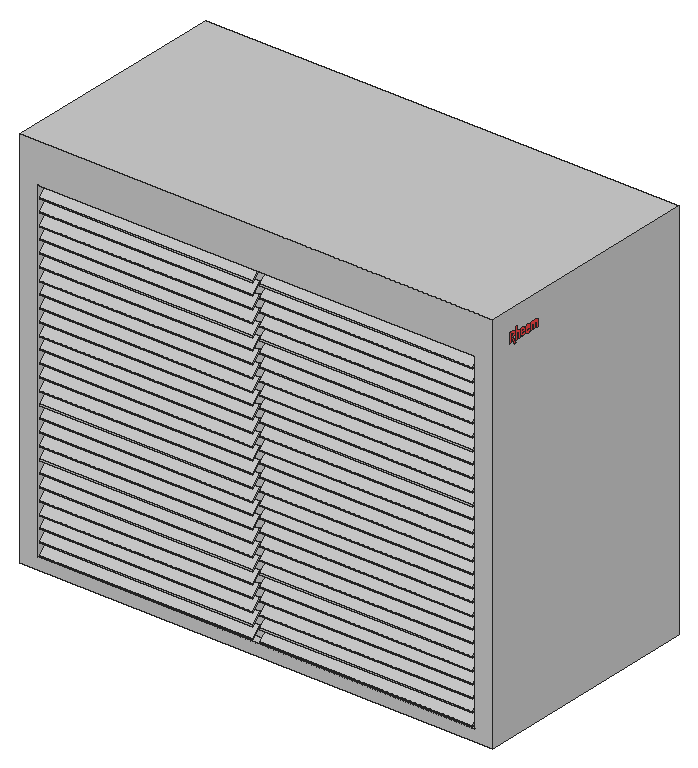
Revit family "DC_Rheem_PLM_HeatPump_953022_Horizontal_12", category Plumbing Fixtures, Revit 2011
Parameters (values of type "Commercial Heat Pump - Non Ducted")
  Unitheight_ANZRS = 935 mm
  UnitWidth_ANZRS = 565 mm
  UnitDepth_ANZRS [instance] = 1150 mm
  URL = "http://www.rheem.com.au/commercial_product.asp?ProdID=96&cat_id=2\r\n"
  Type Comments = "Output 16 KW @ 20oC/60% RH Recovery 300 L/h  @ 45°C  rise\r\n"
  Materials_ANZRS = Rheem - Joey Grey Steel
  OutletPipeDiameter_ANZRS = OutPipeRadius_ANZRS * 2  # 32 mm
  OutPipeRadius_ANZRS = 16 mm
  Model = "953022"
  Manufacturer = "Rheem\r\n"
  InletPipeDiameter_ANZRS = InPipeRadius_ANZRS * 2  # 32 mm
  InPipeRadius_ANZRS = 16 mm
  DesignBy_ANZRS = "Design Content ©\r\n"
  Description = "Commercial Heat Pump - Non Ducted"
  CondensateDrainPipeDiameter_ANZRS = CDPipeRadius_ANZRS * 2  # 20 mm
  CDPipeRadius_ANZRS = 10 mm
  Author_ANZRS = "DM"
  Assembly Code = ""
Reference planes
  plane 1 "Center (Front/Back)": y = 0
  plane 2: z = 0
  plane 3 "Center (Left/Right)": x = 0
  plane 4 "W1": y = 282.5
  plane 5 "W2": y = -282.5
  plane 6 "W4": x = -575
  plane 7 "W3": x = 575
  plane 8 "CENTER 1": x = -320
  plane 9 "CENTER 2": x = 180
  plane 10: z = 25
  plane 11 "HEIGHT": z = 960
  plane 12 "W11": y = 212.65
  plane 13 "W13": y = 147.65
  plane 14 "W15": y = -212.65
  plane 15 "W14": y = -147.65
  plane 16 "CD1": z = 225
  plane 17 "CD2": z = 555
  plane 18 "CENTER 3": y = -167.65
  plane 19 "w5": x = -545
  plane 20 "W7": x = 545
  plane 21 "H1": z = 53.419
  plane 22 "CENTER 5": y = 180.15
  plane 23 "CENTER 4": y = -180.15
  plane 24: y = -260.438
  plane 25 "W6": x = -527.091
  plane 26 "W9": x = 527.091
  plane 27 "W8": x = 532.091
  plane 28: x = -625
  plane 29: y = 174.5
Forms (mm)
  Extrusion 1, solid, material "Rheem - Joey Grey Steel" <- "Materials_ANZRS"
    sketch origin (0, 0, 0) x (1, 0, 0) y (0, 1, 0)
      loop
        line (-575, 282.5) -> (-575, -260.438) -> (575, -260.438) -> (575, 282.5) -> (-575, 282.5)
    from 25 to 960
  Extrusion 2, solid, material "Rheem - Joey Grey Steel" <- "Materials_ANZRS"
    sketch origin (0, 0, 0) x (0, 1, 0) y (0, 0, 1)
      loop
        circle (-167.65, 555) r 16
      loop
        circle (-167.65, 225) r 16
    from -575 to -625
  Extrusion 3, solid, material "Rheem - Joey Grey Steel" <- "Materials_ANZRS"
    sketch origin (0, 0, 0) x (0, 1, 0) y (0, 0, 1)
      loop
        line (212.65, 0) -> (212.65, 25) -> (147.65, 25) -> (147.65, 0) -> (212.65, 0)
      loop
        line (-147.65, 0) -> (-147.65, 25) -> (-212.65, 25) -> (-212.65, 0) -> (-147.65, 0)
    from -545 to 545
  Extrusion 4, solid, material "Rheem - Joey Grey Steel" <- "Materials_ANZRS"
    sketch origin (0, 0, 0) x (0, 1, 0) y (0, 0, 1)
      loop
        circle (180.15, 53.419) r 10
      loop
        circle (-180.15, 53.419) r 10
    from -575 to -625
  Extrusion 5, solid, material "Rheem - Joey Grey Steel" <- "Materials_ANZRS"
    sketch origin (0, 0, 0) x (0, 1, 0) y (0, 0, 1)
      loop
        line (-260.438, 860.039) -> (-282.5, 837.978) -> (-282.5, 835.579) -> (-260.438, 857.64) -> (-260.438, 860.039)
      loop
        line (-260.438, 830.039) -> (-282.5, 807.978) -> (-282.5, 805.579) -> (-260.438, 827.64) -> (-260.438, 830.039)
      loop
        line (-260.438, 800.039) -> (-282.5, 777.978) -> (-282.5, 775.579) -> (-260.438, 797.64) -> (-260.438, 800.039)
      loop
        line (-260.438, 770.039) -> (-282.5, 747.978) -> (-282.5, 745.579) -> (-260.438, 767.64) -> (-260.438, 770.039)
      loop
        line (-260.438, 740.039) -> (-282.5, 717.978) -> (-282.5, 715.579) -> (-260.438, 737.64) -> (-260.438, 740.039)
      loop
        line (-260.438, 710.039) -> (-282.5, 687.978) -> (-282.5, 685.579) -> (-260.438, 707.64) -> (-260.438, 710.039)
      loop
        line (-260.438, 680.039) -> (-282.5, 657.978) -> (-282.5, 655.579) -> (-260.438, 677.64) -> (-260.438, 680.039)
      loop
        line (-260.438, 650.039) -> (-282.5, 627.978) -> (-282.5, 625.579) -> (-260.438, 647.64) -> (-260.438, 650.039)
      loop
        line (-260.438, 620.039) -> (-282.5, 597.978) -> (-282.5, 595.579) -> (-260.438, 617.64) -> (-260.438, 620.039)
      loop
        line (-260.438, 590.039) -> (-282.5, 567.978) -> (-282.5, 565.579) -> (-260.438, 587.64) -> (-260.438, 590.039)
      loop
        line (-260.438, 560.039) -> (-282.5, 537.978) -> (-282.5, 535.579) -> (-260.438, 557.64) -> (-260.438, 560.039)
      loop
        line (-260.438, 530.039) -> (-282.5, 507.978) -> (-282.5, 505.579) -> (-260.438, 527.64) -> (-260.438, 530.039)
      loop
        line (-260.438, 500.039) -> (-282.5, 477.978) -> (-282.5, 475.579) -> (-260.438, 497.64) -> (-260.438, 500.039)
      loop
        line (-260.438, 470.039) -> (-282.5, 447.978) -> (-282.5, 445.579) -> (-260.438, 467.64) -> (-260.438, 470.039)
      loop
        line (-260.438, 440.039) -> (-282.5, 417.978) -> (-282.5, 415.579) -> (-260.438, 437.64) -> (-260.438, 440.039)
      loop
        line (-260.438, 410.039) -> (-282.5, 387.978) -> (-282.5, 385.579) -> (-260.438, 407.64) -> (-260.438, 410.039)
      loop
        line (-260.438, 380.039) -> (-282.5, 357.978) -> (-282.5, 355.579) -> (-260.438, 377.64) -> (-260.438, 380.039)
      loop
        line (-260.438, 350.039) -> (-282.5, 327.978) -> (-282.5, 325.579) -> (-260.438, 347.64) -> (-260.438, 350.039)
      loop
        line (-260.438, 320.039) -> (-282.5, 297.978) -> (-282.5, 295.579) -> (-260.438, 317.64) -> (-260.438, 320.039)
      loop
        line (-260.438, 290.039) -> (-282.5, 267.978) -> (-282.5, 265.579) -> (-260.438, 287.64) -> (-260.438, 290.039)
      loop
        line (-260.438, 260.039) -> (-282.5, 237.978) -> (-282.5, 235.579) -> (-260.438, 257.64) -> (-260.438, 260.039)
      loop
        line (-260.438, 230.039) -> (-282.5, 207.978) -> (-282.5, 205.579) -> (-260.438, 227.64) -> (-260.438, 230.039)
      loop
        line (-260.438, 200.039) -> (-282.5, 177.978) -> (-282.5, 175.579) -> (-260.438, 197.64) -> (-260.438, 200.039)
      loop
        line (-260.438, 170.039) -> (-282.5, 147.978) -> (-282.5, 145.579) -> (-260.438, 167.64) -> (-260.438, 170.039)
      loop
        line (-260.438, 140.039) -> (-282.5, 117.978) -> (-282.5, 115.579) -> (-260.438, 137.64) -> (-260.438, 140.039)
      loop
        line (-260.438, 110.039) -> (-282.5, 87.978) -> (-282.5, 85.579) -> (-260.438, 107.64) -> (-260.438, 110.039)
      loop
        line (-260.438, 80.039) -> (-282.5, 57.978) -> (-282.5, 55.579) -> (-260.438, 77.64) -> (-260.438, 80.039)
    from -527.091 to -9.296
  Extrusion 6, solid, material "Rheem - Joey Grey Steel" <- "Materials_ANZRS"
    sketch origin (0, 0, 0) x (1, 0, 0) y (0, 0, 1)
      loop
        line (-575, 960) -> (-575, 25) -> (-14.281, 25) -> (575, 25) -> (575, 960) -> (-575, 960)
      loop
        line (-532.091, 53.419) -> (532.091, 53.419) -> (532.091, 865.039) -> (-532.091, 865.039) -> (-532.091, 53.419)
    from 260.438 to 282.5
  Extrusion 7, solid, material "Rheem - Joey Grey Steel" <- "Materials_ANZRS"
    sketch origin (0, 0, 0) x (0, 1, 0) y (0, 0, -1)
      loop
        line (-260.438, -860.039) -> (-260.438, -857.64) -> (-282.5, -835.579) -> (-282.5, -837.978) -> (-260.438, -860.039)
      loop
        line (-260.438, -830.039) -> (-260.438, -827.64) -> (-282.5, -805.579) -> (-282.5, -807.978) -> (-260.438, -830.039)
      loop
        line (-260.438, -800.039) -> (-260.438, -797.64) -> (-282.5, -775.579) -> (-282.5, -777.978) -> (-260.438, -800.039)
      loop
        line (-260.438, -770.039) -> (-260.438, -767.64) -> (-282.5, -745.579) -> (-282.5, -747.978) -> (-260.438, -770.039)
      loop
        line (-260.438, -740.039) -> (-260.438, -737.64) -> (-282.5, -715.579) -> (-282.5, -717.978) -> (-260.438, -740.039)
      loop
        line (-260.438, -710.039) -> (-260.438, -707.64) -> (-282.5, -685.579) -> (-282.5, -687.978) -> (-260.438, -710.039)
      loop
        line (-260.438, -680.039) -> (-260.438, -677.64) -> (-282.5, -655.579) -> (-282.5, -657.978) -> (-260.438, -680.039)
      loop
        line (-260.438, -650.039) -> (-260.438, -647.64) -> (-282.5, -625.579) -> (-282.5, -627.978) -> (-260.438, -650.039)
      loop
        line (-260.438, -620.039) -> (-260.438, -617.64) -> (-282.5, -595.579) -> (-282.5, -597.978) -> (-260.438, -620.039)
      loop
        line (-260.438, -590.039) -> (-260.438, -587.64) -> (-282.5, -565.579) -> (-282.5, -567.978) -> (-260.438, -590.039)
      loop
        line (-260.438, -560.039) -> (-260.438, -557.64) -> (-282.5, -535.579) -> (-282.5, -537.978) -> (-260.438, -560.039)
      loop
        line (-260.438, -530.039) -> (-260.438, -527.64) -> (-282.5, -505.579) -> (-282.5, -507.978) -> (-260.438, -530.039)
      loop
        line (-260.438, -500.039) -> (-260.438, -497.64) -> (-282.5, -475.579) -> (-282.5, -477.978) -> (-260.438, -500.039)
      loop
        line (-260.438, -470.039) -> (-260.438, -467.64) -> (-282.5, -445.579) -> (-282.5, -447.978) -> (-260.438, -470.039)
      loop
        line (-260.438, -440.039) -> (-260.438, -437.64) -> (-282.5, -415.579) -> (-282.5, -417.978) -> (-260.438, -440.039)
      loop
        line (-260.438, -410.039) -> (-260.438, -407.64) -> (-282.5, -385.579) -> (-282.5, -387.978) -> (-260.438, -410.039)
      loop
        line (-260.438, -380.039) -> (-260.438, -377.64) -> (-282.5, -355.579) -> (-282.5, -357.978) -> (-260.438, -380.039)
      loop
        line (-260.438, -350.039) -> (-260.438, -347.64) -> (-282.5, -325.579) -> (-282.5, -327.978) -> (-260.438, -350.039)
      loop
        line (-260.438, -320.039) -> (-260.438, -317.64) -> (-282.5, -295.579) -> (-282.5, -297.978) -> (-260.438, -320.039)
      loop
        line (-260.438, -290.039) -> (-260.438, -287.64) -> (-282.5, -265.579) -> (-282.5, -267.978) -> (-260.438, -290.039)
      loop
        line (-260.438, -260.039) -> (-260.438, -257.64) -> (-282.5, -235.579) -> (-282.5, -237.978) -> (-260.438, -260.039)
      loop
        line (-260.438, -230.039) -> (-260.438, -227.64) -> (-282.5, -205.579) -> (-282.5, -207.978) -> (-260.438, -230.039)
      loop
        line (-260.438, -200.039) -> (-260.438, -197.64) -> (-282.5, -175.579) -> (-282.5, -177.978) -> (-260.438, -200.039)
      loop
        line (-260.438, -170.039) -> (-260.438, -167.64) -> (-282.5, -145.579) -> (-282.5, -147.978) -> (-260.438, -170.039)
      loop
        line (-260.438, -140.039) -> (-260.438, -137.64) -> (-282.5, -115.579) -> (-282.5, -117.978) -> (-260.438, -140.039)
      loop
        line (-260.438, -110.039) -> (-260.438, -107.64) -> (-282.5, -85.579) -> (-282.5, -87.978) -> (-260.438, -110.039)
      loop
        line (-260.438, -80.039) -> (-260.438, -77.64) -> (-282.5, -55.579) -> (-282.5, -57.978) -> (-260.438, -80.039)
    from -527.091 to -9.296
  Extrusion 8, solid, material "Rheem - Joey Grey Steel" <- "Materials_ANZRS"
    sketch origin (575, 0, 960) x (0, 0, -1) y (0, 1, 0)
      loop
        circle (286.023, 174.5) r 0.5
    from 0 to -1
  Extrusion 9, solid, material "Rheem - Joey Grey Steel" <- "Materials_ANZRS"
    sketch origin (575, 0, 960) x (0, 0, -1) y (0, 1, 0)
      loop
        circle (336.023, 174.5) r 0.5
    from 0 to -1
  Extrusion 10, solid, material "Rheem - Joey Grey Steel" <- "Materials_ANZRS"
    sketch origin (575, 0, 960) x (0, 0, -1) y (0, 1, 0)
      loop
        circle (311.023, 174.5) r 0.5
    from 0 to -1
  Extrusion 11, solid, material "Rheem - Joey Grey Steel" <- "Materials_ANZRS"
    sketch origin (575, 0, 960) x (0, 0, -1) y (0, 1, 0)
      loop
        circle (361.023, 174.5) r 0.5
    from 0 to -1
Cuts and joins
  joined: Extrusion 1, Extrusion 6
Lines and regions (mm)
  Masking region 1
    outline origin (0, 0, 0) x (1, 0, 0) y (0, 1, 0)
      loop
        line (575, 282.5) -> (-575, 282.5) -> (-575, -282.5) -> (575, -282.5) -> (575, 282.5)
  Masking region 2
    outline origin (0, 0, 0) x (1, 0, 0) y (0, 0, 1)
      loop
        line (-575, 960) -> (-575, 25) -> (-545, 25) -> (-545, 0) -> (545, 0) -> (545, 25) -> (575, 25) -> (575, 960) -> (-575, 960)
  Masking region 3
    outline origin (0, 0, 0) x (0, 1, 0) y (0, 0, 1)
      loop
        line (282.5, 25) -> (282.5, 960) -> (-282.5, 960) -> (-282.5, 25) -> (-212.65, 25) -> (-212.65, 0) -> (-147.65, 0) -> (-147.65, 25) -> (147.65, 25) -> (147.65, 0) -> (212.65, 0) -> (212.65, 25) -> (282.5, 25)
  Masking region 4
    outline origin (0, 0, 0) x (1, 0, 0) y (0, 1, 0)
      loop
        line (-575, 282.5) -> (-575, -282.5) -> (575, -282.5) -> (575, 282.5) -> (-575, 282.5)
  symbolic lines, style "Rheem - Heat Pump", detail levels fine
    curve 1: line (575, 282.5, 0) -> (-575, 282.5, 0)
    curve 2: line (-575, 282.5, 0) -> (-575, -282.5, 0)
    curve 3: line (-575, -282.5, 0) -> (575, -282.5, 0)
    curve 4: line (575, -282.5, 0) -> (575, 282.5, 0)
    curve 5: line (-625, 190.15, 0) -> (-625, 170.15, 0)
    curve 6: line (-625, 170.15, 0) -> (-575, 170.15, 0)
    curve 7: line (-625, 190.15, 0) -> (-575, 190.15, 0)
    curve 8: line (-625, -147.65, 0) -> (-625, -180.15, 0)
    curve 9: line (-625, -180.15, 0) -> (-575, -180.15, 0)
    curve 10: line (-625, -147.65, 0) -> (-575, -147.65, 0)
    curve 11: line (-575, 0, 960) -> (-575, 0, 25)
    curve 12: line (575, 0, 960) -> (-575, 0, 960)
    curve 13: line (575, 0, 25) -> (575, 0, 960)
    curve 14: line (-575, 0, 25) -> (575, 0, 25)
    curve 15: line (-545, 0, 0) -> (545, 0, 0)
    curve 16: line (545, 0, 0) -> (545, 0, 25)
    curve 17: line (-545, 0, 25) -> (-545, 0, 0)
    curve 18: line (-625, 0, 63.419) -> (-625, 0, 43.419)
    curve 19: line (-625, 0, 571) -> (-625, 0, 538.877)
    curve 20: line (-625, 0, 241) -> (-625, 0, 209)
    curve 21: line (-625, 0, 571) -> (-575, 0, 571)
    curve 22: line (-625, 0, 538.877) -> (-575, 0, 538.877)
    curve 23: line (-625, 0, 241) -> (-575, 0, 241)
    curve 24: line (-625, 0, 209) -> (-575, 0, 209)
    curve 25: line (-625, 0, 63.419) -> (-575, 0, 63.419)
    curve 26: line (-625, 0, 43.419) -> (-575, 0, 43.419)
    curve 27: line (0, 282.5, 25) -> (0, 282.5, 960)
    curve 28: line (0, 282.5, 960) -> (0, -282.5, 960)
    curve 29: line (0, -282.5, 960) -> (0, -282.5, 25)
    curve 30: line (0, -282.5, 25) -> (0, 282.5, 25)
    curve 31: line (0, 212.65, 0) -> (0, 212.65, 25)
    curve 32: line (0, 147.65, 0) -> (0, 212.65, 0)
    curve 33: line (0, 147.65, 25) -> (0, 147.65, 0)
    curve 34: line (0, -147.65, 0) -> (0, -147.65, 25)
    curve 35: line (0, -212.65, 0) -> (0, -147.65, 0)
    curve 36: line (0, -212.65, 25) -> (0, -212.65, 0)
    curve 37: arc (0, -170.15, 53.419) -> (0, -180.15, 43.419) -> (0, -190.15, 53.419) r 10
    curve 38: arc (0, -190.15, 53.419) -> (0, -180.15, 63.419) -> (0, -170.15, 53.419) r 10
    curve 39: arc (0, 190.15, 53.419) -> (0, 180.15, 43.419) -> (0, 170.15, 53.419) r 10
    curve 40: arc (0, 170.15, 53.419) -> (0, 180.15, 63.419) -> (0, 190.15, 53.419) r 10
    curve 41: arc (0, -151.65, 225) -> (0, -167.65, 209) -> (0, -183.65, 225) r 16
    curve 42: arc (0, -183.65, 225) -> (0, -167.65, 241) -> (0, -151.65, 225) r 16
    curve 43: arc (0, -151.65, 555) -> (0, -167.65, 539) -> (0, -183.65, 555) r 16
    curve 44: arc (0, -183.65, 555) -> (0, -167.65, 571) -> (0, -151.65, 555) r 16
    curve 45: arc (0, 209.07, 550.722) -> (0, 220.305, 604.96) -> (0, 221.049, 660.345) r 290.723
    curve 46: arc (0, 258.889, 660.345) -> (0, 270.254, 578.531) -> (0, 255.164, 497.321) r 257.845
    curve 47: line (0, 255.164, 497.321) -> (0, 220.439, 497.321)
    curve 48: arc (0, 220.439, 497.321) -> (0, 210.952, 523.212) -> (0, 209.07, 550.722) r 97.782
    curve 49: line (0, 209.07, 889.919) -> (0, 220.439, 943.321)
    curve 50: line (0, 220.439, 943.321) -> (0, 255.164, 943.321)
    curve 51: arc (0, 209.07, 889.919) -> (0, 220.29, 835.814) -> (0, 221.071, 780.562) r 290.723
    curve 52: arc (0, 258.971, 780.562) -> (0, 270.25, 862.25) -> (0, 255.164, 943.321) r 257.845
    curve 53: line (0, 270.164, 771.722) -> (0, 270.164, 669.101)
    curve 54: line (0, 206.334, 771.712) -> (0, 206.334, 669.101)
    curve 55: line (0, 206.334, 669.101) -> (0, 215.091, 660.345)
    curve 56: line (0, 215.183, 660.252) -> (0, 215.183, 780.562)
    curve 57: line (0, 206.334, 771.712) -> (0, 215.183, 780.562)
    curve 58: line (0, 215.183, 780.562) -> (0, 261.324, 780.562)
    curve 59: line (0, 261.324, 780.562) -> (0, 270.164, 771.722)
    curve 60: line (0, 270.164, 669.101) -> (0, 261.408, 660.345)
    curve 61: line (0, 261.408, 660.345) -> (0, 215.091, 660.345)
    curve 62: line (0, 261.324, 780.562) -> (0, 261.324, 660.345)
    curve 63: arc (0, 209.07, 175.722) -> (0, 220.305, 229.96) -> (0, 221.049, 285.345) r 290.723
    curve 64: arc (0, 258.889, 285.345) -> (0, 270.254, 203.531) -> (0, 255.164, 122.321) r 257.845
    curve 65: line (0, 255.164, 122.321) -> (0, 220.439, 122.321)
    curve 66: arc (0, 220.439, 122.321) -> (0, 210.952, 148.212) -> (0, 209.07, 175.722) r 97.782
    curve 67: line (0, 209.07, 514.919) -> (0, 209.538, 531.653)
    curve 68: arc (0, 209.07, 514.919) -> (0, 220.29, 460.814) -> (0, 221.071, 405.562) r 290.723
    curve 69: arc (0, 258.971, 405.562) -> (0, 270.022, 468.807) -> (0, 265.105, 532.821) r 257.845
    curve 70: line (0, 270.164, 396.722) -> (0, 270.164, 294.101)
    curve 71: line (0, 206.334, 396.712) -> (0, 206.334, 294.101)
    curve 72: line (0, 206.334, 294.101) -> (0, 215.183, 285.252)
    curve 73: line (0, 215.183, 285.252) -> (0, 215.183, 405.562)
    curve 74: line (0, 206.334, 396.712) -> (0, 215.183, 405.562)
    curve 75: line (0, 215.183, 405.562) -> (0, 261.324, 405.562)
    curve 76: line (0, 261.324, 405.562) -> (0, 270.164, 396.722)
    curve 77: line (0, 270.164, 294.101) -> (0, 261.408, 285.345)
    curve 78: line (0, 261.408, 285.345) -> (0, 215.091, 285.345)
    curve 79: line (0, 261.324, 405.562) -> (0, 261.324, 285.345)
    curve 80: spline (-239.25, 206.17, 960) -> (-230.909, 205.975, 960) -> (-222.616, 205.489, 960) -> (-214.411, 204.715, 960) -> (-206.335, 203.656, 960) -> (-198.425, 202.318, 960) -> (-190.723, 200.707, 960) -> (-183.263, 198.831, 960) -> (-176.085, 196.699, 960) -> (-169.221, 194.321, 960) -> (-162.707, 191.709, 960) -> (-156.573, 188.877, 960) -> (-150.849, 185.837, 960)
    curve 81: spline (-84.717, 215.066, 960) -> (-85.601, 211.416, 960) -> (-87.335, 207.842, 960) -> (-89.895, 204.395, 960) -> (-93.246, 201.121, 960) -> (-97.341, 198.067, 960) -> (-102.123, 195.273, 960) -> (-107.528, 192.779, 960) -> (-113.48, 190.619, 960) -> (-119.897, 188.823, 960) -> (-126.691, 187.415, 960) -> (-133.769, 186.415, 960) -> (-141.032, 185.837, 960)
    curve 82: line (-84.717, 254.81, 960) -> (-84.717, 215.066, 960)
    curve 83: spline (-110.133, 267.518, 960) -> (-106.816, 267.409, 960) -> (-103.555, 267.085, 960) -> (-100.407, 266.551, 960) -> (-97.425, 265.815, 960) -> (-94.661, 264.892, 960) -> (-92.161, 263.796, 960) -> (-89.969, 262.546, 960) -> (-88.122, 261.164, 960) -> (-86.651, 259.673, 960) -> (-85.583, 258.099, 960) -> (-84.934, 256.468, 960) -> (-84.717, 254.81, 960)
    curve 84: spline (-239.25, 255.532, 960) -> (-234.591, 257.299, 960) -> (-229.751, 258.938, 960) -> (-224.742, 260.446, 960) -> (-219.579, 261.819, 960) -> (-214.277, 263.051, 960) -> (-208.851, 264.14, 960) -> (-203.316, 265.082, 960) -> (-197.689, 265.875, 960) -> (-191.984, 266.517, 960) -> (-186.22, 267.006, 960) -> (-180.411, 267.34, 960) -> (-174.575, 267.518, 960)
    curve 85: line (-239.25, 206.17, 960) -> (-239.25, 269.712, 960)
    curve 86: line (-254.5, 185.837, 960) -> (-239.25, 206.17, 960)
    curve 87: line (-376.5, 185.837, 960) -> (-254.5, 185.837, 960)
    curve 88: line (-391.75, 206.17, 960) -> (-376.5, 185.837, 960)
    curve 89: spline (-480.151, 185.837, 960) -> (-474.427, 188.877, 960) -> (-468.293, 191.709, 960) -> (-461.779, 194.321, 960) -> (-454.915, 196.699, 960) -> (-447.737, 198.831, 960) -> (-440.277, 200.707, 960) -> (-432.575, 202.318, 960) -> (-424.665, 203.656, 960) -> (-416.589, 204.715, 960) -> (-408.384, 205.489, 960) -> (-400.091, 205.975, 960) -> (-391.75, 206.17, 960)
    curve 90: spline (-489.968, 185.837, 960) -> (-497.231, 186.415, 960) -> (-504.309, 187.415, 960) -> (-511.103, 188.823, 960) -> (-517.52, 190.619, 960) -> (-523.472, 192.779, 960) -> (-528.877, 195.273, 960) -> (-533.659, 198.067, 960) -> (-537.754, 201.121, 960) -> (-541.105, 204.395, 960) -> (-543.665, 207.842, 960) -> (-545.399, 211.416, 960) -> (-546.283, 215.066, 960)
    curve 91: line (-489.968, 185.837, 960) -> (-480.151, 185.837, 960)
    curve 92: line (-546.283, 215.066, 960) -> (-546.283, 254.81, 960)
    curve 93: spline (-546.283, 254.81, 960) -> (-546.066, 256.468, 960) -> (-545.417, 258.099, 960) -> (-544.349, 259.673, 960) -> (-542.878, 261.164, 960) -> (-541.031, 262.546, 960) -> (-538.839, 263.796, 960) -> (-536.339, 264.892, 960) -> (-533.575, 265.815, 960) -> (-530.593, 266.551, 960) -> (-527.445, 267.085, 960) -> (-524.184, 267.409, 960) -> (-520.867, 267.518, 960)
    curve 94: spline (-456.425, 267.518, 960) -> (-450.589, 267.34, 960) -> (-444.78, 267.006, 960) -> (-439.016, 266.517, 960) -> (-433.311, 265.875, 960) -> (-427.684, 265.082, 960) -> (-422.149, 264.14, 960) -> (-416.723, 263.051, 960) -> (-411.421, 261.819, 960) -> (-406.258, 260.446, 960) -> (-401.249, 258.938, 960) -> (-396.409, 257.299, 960) -> (-391.75, 255.532, 960)
    curve 95: line (-520.867, 267.518, 960) -> (-456.425, 267.518, 960)
    curve 96: line (-110.133, 267.518, 960) -> (-174.575, 267.518, 960)
    curve 97: line (-391.75, 206.17, 960) -> (-239.25, 206.17, 960)
    curve 98: line (-391.75, 269.712, 960) -> (-391.75, 206.17, 960)
    curve 99: line (-239.25, 269.712, 960) -> (-391.75, 269.712, 960)
    curve 100: line (-376.5, 279.545, 960) -> (-391.75, 269.712, 960)
    curve 101: line (-254.5, 279.545, 960) -> (-376.5, 279.545, 960)
    curve 102: line (-239.25, 269.712, 960) -> (-254.5, 279.545, 960)
    curve 103: line (-114.5, 185.837, 960) -> (7.5, 185.837, 960)
    curve 104: line (-88.462, 206.17, 960) -> (22.75, 206.17, 960)
    curve 105: line (7.5, 185.837, 960) -> (22.75, 206.17, 960)
    curve 106: line (22.75, 206.17, 960) -> (22.75, 269.712, 960)
    curve 107: line (-129.75, 269.712, 960) -> (22.75, 269.712, 960)
    curve 108: line (22.75, 269.712, 960) -> (7.5, 279.545, 960)
    curve 109: spline (22.75, 255.532, 960) -> (27.409, 257.299, 960) -> (32.249, 258.938, 960) -> (37.258, 260.446, 960) -> (42.421, 261.819, 960) -> (47.723, 263.051, 960) -> (53.149, 264.14, 960) -> (58.684, 265.082, 960) -> (64.311, 265.875, 960) -> (70.016, 266.517, 960) -> (75.78, 267.006, 960) -> (81.589, 267.34, 960) -> (87.425, 267.518, 960)
    curve 110: line (151.867, 267.518, 960) -> (87.425, 267.518, 960)
    curve 111: spline (151.867, 267.518, 960) -> (155.184, 267.409, 960) -> (158.445, 267.085, 960) -> (161.593, 266.551, 960) -> (164.575, 265.815, 960) -> (167.339, 264.892, 960) -> (169.839, 263.796, 960) -> (172.031, 262.546, 960) -> (173.878, 261.164, 960) -> (175.349, 259.673, 960) -> (176.417, 258.099, 960) -> (177.066, 256.468, 960) -> (177.283, 254.81, 960)
    curve 112: line (177.283, 254.81, 960) -> (177.283, 215.066, 960)
    curve 113: spline (177.283, 215.066, 960) -> (176.399, 211.416, 960) -> (174.665, 207.842, 960) -> (172.105, 204.395, 960) -> (168.754, 201.121, 960) -> (164.659, 198.067, 960) -> (159.877, 195.273, 960) -> (154.472, 192.779, 960) -> (148.52, 190.619, 960) -> (142.103, 188.823, 960) -> (135.309, 187.415, 960) -> (128.231, 186.415, 960) -> (120.968, 185.837, 960)
    curve 114: spline (22.75, 206.17, 960) -> (31.091, 205.975, 960) -> (39.384, 205.489, 960) -> (47.589, 204.715, 960) -> (55.665, 203.656, 960) -> (63.575, 202.318, 960) -> (71.277, 200.707, 960) -> (78.737, 198.831, 960) -> (85.915, 196.699, 960) -> (92.779, 194.321, 960) -> (99.293, 191.709, 960) -> (105.427, 188.877, 960) -> (111.151, 185.837, 960)
    curve 115: line (120.968, 185.837, 960) -> (111.151, 185.837, 960)
    curve 116: line (-114.5, 185.837, 960) -> (-117.5, 189.837, 960)
    curve 117: line (-129.75, 269.712, 960) -> (-114.5, 279.545, 960)
    curve 118: line (-129.75, 269.712, 960) -> (-129.75, 267.518, 960)
    curve 119: line (-114.5, 279.545, 960) -> (7.5, 279.545, 960)
  model lines, style "Rheem - Heat Pump"
    curve 120: circle (-53.5, 282.5, 702.5) r 244 normal (0, 1, 0)
    curve 121: line (-97.26, 282.5, 762.243) -> (-86.932, 282.5, 880.29)
    curve 122: arc (-86.932, 282.5, 880.29) -> (-69.686, 282.5, 913.42) -> (-34.064, 282.5, 924.651) r 48.8
    curve 123: line (-34.064, 282.5, 924.651) -> (14.55, 282.5, 920.398)
    curve 124: line (14.55, 282.5, 920.398) -> (-0.031, 282.5, 753.736)
    curve 125: line (-104.736, 282.5, 755.969) -> (-271.398, 282.5, 770.55)
    curve 126: line (-271.398, 282.5, 770.55) -> (-275.651, 282.5, 721.936)
    curve 127: arc (-275.651, 282.5, 721.936) -> (-264.42, 282.5, 686.314) -> (-231.29, 282.5, 669.068) r 48.8
    curve 128: line (-231.29, 282.5, 669.068) -> (-113.243, 282.5, 658.74)
    curve 129: line (-106.969, 282.5, 651.264) -> (-121.55, 282.5, 484.602)
    curve 130: line (-121.55, 282.5, 484.602) -> (-72.936, 282.5, 480.349)
    curve 131: arc (-72.936, 282.5, 480.349) -> (-37.314, 282.5, 491.58) -> (-20.068, 282.5, 524.71) r 48.8
    curve 132: line (-20.068, 282.5, 524.71) -> (-9.74, 282.5, 642.757)
    curve 133: line (6.243, 282.5, 746.26) -> (124.29, 282.5, 735.932)
    curve 134: arc (124.29, 282.5, 735.932) -> (157.42, 282.5, 718.686) -> (168.651, 282.5, 683.064) r 48.8
    curve 135: line (168.651, 282.5, 683.064) -> (164.398, 282.5, 634.45)
    curve 136: line (164.398, 282.5, 634.45) -> (-2.264, 282.5, 649.031)
    curve 137: circle (-53.5, 282.5, 702.5) r 206 normal (0, 1, 0)
    curve 138: circle (-53.5, 282.5, 702.5) r 168 normal (0, 1, 0)
    curve 139: circle (-53.5, 282.5, 702.5) r 130 normal (0, 1, 0)
    curve 140: circle (-53.5, 282.5, 702.5) r 92 normal (0, 1, 0)
    curve 141: circle (-53.5, 282.5, 702.5) r 54 normal (0, 1, 0)
    curve 142: circle (-253.147, 282.5, 534.977) r 4.88 normal (0, 1, 0)
    curve 143: circle (114.023, 282.5, 502.853) r 4.88 normal (0, 1, 0)
    curve 144: line (-15.193, 282.5, 664.44) -> (117.762, 282.5, 505.99)
    curve 145: line (-22.67, 282.5, 658.166) -> (110.285, 282.5, 499.717)
    curve 146: line (-91.56, 282.5, 664.193) -> (-250.01, 282.5, 531.238)
    curve 147: line (-97.834, 282.5, 671.67) -> (-256.283, 282.5, 538.715)
    curve 148: line (-84.33, 282.5, 746.834) -> (-217.285, 282.5, 905.283)
    curve 149: line (-91.807, 282.5, 740.56) -> (-224.762, 282.5, 899.01)
    curve 150: circle (-221.023, 282.5, 902.147) r 4.88 normal (0, 1, 0)
    curve 151: line (-15.44, 282.5, 740.807) -> (143.01, 282.5, 873.762)
    curve 152: line (-9.166, 282.5, 733.33) -> (149.283, 282.5, 866.285)
    curve 153: circle (146.147, 282.5, 870.023) r 4.88 normal (0, 1, 0)
    curve 154: circle (-315.5, 282.5, 286.5) r 244 normal (0, 1, 0)
    curve 155: line (-359.26, 282.5, 346.243) -> (-348.932, 282.5, 464.29)
    curve 156: arc (-348.932, 282.5, 464.29) -> (-331.686, 282.5, 497.42) -> (-296.064, 282.5, 508.651) r 48.8
    curve 157: line (-296.064, 282.5, 508.651) -> (-247.45, 282.5, 504.398)
    curve 158: line (-247.45, 282.5, 504.398) -> (-262.031, 282.5, 337.736)
    curve 159: line (-366.736, 282.5, 339.969) -> (-533.398, 282.5, 354.55)
    curve 160: line (-533.398, 282.5, 354.55) -> (-537.651, 282.5, 305.936)
    curve 161: arc (-537.651, 282.5, 305.936) -> (-526.42, 282.5, 270.314) -> (-493.29, 282.5, 253.068) r 48.8
    curve 162: line (-493.29, 282.5, 253.068) -> (-375.243, 282.5, 242.74)
    curve 163: line (-368.969, 282.5, 235.264) -> (-383.55, 282.5, 68.602)
    curve 164: line (-383.55, 282.5, 68.602) -> (-334.936, 282.5, 64.349)
    curve 165: arc (-334.936, 282.5, 64.349) -> (-299.314, 282.5, 75.58) -> (-282.068, 282.5, 108.71) r 48.8
    curve 166: line (-282.068, 282.5, 108.71) -> (-271.74, 282.5, 226.757)
    curve 167: line (-255.757, 282.5, 330.26) -> (-137.71, 282.5, 319.932)
    curve 168: arc (-137.71, 282.5, 319.932) -> (-104.58, 282.5, 302.686) -> (-93.349, 282.5, 267.064) r 48.8
    curve 169: line (-93.349, 282.5, 267.064) -> (-97.602, 282.5, 218.45)
    curve 170: line (-97.602, 282.5, 218.45) -> (-264.264, 282.5, 233.031)
    curve 171: circle (-315.5, 282.5, 286.5) r 206 normal (0, 1, 0)
    curve 172: circle (-315.5, 282.5, 286.5) r 168 normal (0, 1, 0)
    curve 173: circle (-315.5, 282.5, 286.5) r 130 normal (0, 1, 0)
    curve 174: circle (-315.5, 282.5, 286.5) r 92 normal (0, 1, 0)
    curve 175: circle (-315.5, 282.5, 286.5) r 54 normal (0, 1, 0)
    curve 176: circle (-515.147, 282.5, 118.977) r 4.88 normal (0, 1, 0)
    curve 177: circle (-147.977, 282.5, 86.853) r 4.88 normal (0, 1, 0)
    curve 178: line (-277.193, 282.5, 248.44) -> (-144.238, 282.5, 89.99)
    curve 179: line (-284.67, 282.5, 242.166) -> (-151.715, 282.5, 83.717)
    curve 180: line (-353.56, 282.5, 248.193) -> (-512.01, 282.5, 115.238)
    curve 181: line (-359.834, 282.5, 255.67) -> (-518.283, 282.5, 122.715)
    curve 182: line (-346.33, 282.5, 330.834) -> (-479.285, 282.5, 489.283)
    curve 183: line (-353.807, 282.5, 324.56) -> (-486.762, 282.5, 483.01)
    curve 184: circle (-483.023, 282.5, 486.147) r 4.88 normal (0, 1, 0)
    curve 185: line (-277.44, 282.5, 324.807) -> (-118.99, 282.5, 457.762)
    curve 186: line (-271.166, 282.5, 317.33) -> (-112.717, 282.5, 450.285)
    curve 187: circle (-115.853, 282.5, 454.023) r 4.88 normal (0, 1, 0)
Dimensions and locks
  equal spacing: plane 6 "W4", plane 3 "Center (Left/Right)", plane 7 "W3"
  equal spacing: plane 4 "W1", plane 1 "Center (Front/Back)", plane 5 "W2"
  "UnitWidth_ANZRS": plane 4 "W1" to plane 5 "W2"
  "UnitDepth_ANZRS": plane 6 "W4" to plane 7 "W3"
  plane 6 "W4" to plane 8 "CENTER 1" = 255 mm
  plane 9 "CENTER 2" to plane 7 "W3" = 395 mm
  plane 8 "CENTER 1" to plane 9 "CENTER 2" = 500 mm
  "Unitheight_ANZRS": plane 11 "HEIGHT" to plane 10
  plane 10 to level = 25 mm
  plane 12 "W11" to plane 13 "W13" = 65 mm
  plane 15 "W14" to plane 14 "W15" = 65 mm
  plane 16 "CD1" to plane 10 = 200 mm
  plane 17 "CD2" to plane 10 = 530 mm
  locked: plane 19 "w5" to plane 6 "W4" at 30
  locked: plane 7 "W3" to plane 20 "W7" at 30
  plane 28 to plane 19 "w5" = 80 mm
  plane 21 "H1" to level = 53.419 mm
  plane 4 "W1" to plane 5 "W2" = 565 mm
  plane 11 "HEIGHT" to level = 960 mm
  "OutPipeRadius_ANZRS": radius of Extrusion 2 sketch curve
  "InPipeRadius_ANZRS": radius of Extrusion 2 sketch curve
  "CDPipeRadius_ANZRS": radius of Extrusion 4 sketch curve  (x2)
  aligned and locked: level to plane 2
  aligned and locked: Extrusion 1 sketch curve to plane 4 "W1"
  aligned and locked: Extrusion 1 sketch curve to plane 6 "W4"
  aligned and locked: Extrusion 1 sketch curve to plane 7 "W3"
  aligned and locked: plane 11 "HEIGHT" to Extrusion 1
  aligned and locked: Extrusion 1 to plane 10
  aligned and locked: plane 17 "CD2" to Extrusion 2 sketch curve
  aligned and locked: plane 18 "CENTER 3" to Extrusion 2 sketch curve  (x2)
  aligned and locked: plane 16 "CD1" to Extrusion 2 sketch curve
  aligned: Extrusion 2 to plane 7 "W3"
  aligned and locked: level to Extrusion 3 sketch curve  (x2)
  aligned and locked: plane 12 "W11" to Extrusion 3 sketch curve
  aligned and locked: Extrusion 3 sketch curve to plane 10  (x2)
  aligned and locked: Extrusion 3 sketch curve to plane 13 "W13"
  aligned and locked: Extrusion 3 sketch curve to plane 15 "W14"
  aligned and locked: plane 14 "W15" to Extrusion 3 sketch curve
  aligned and locked: Extrusion 3 to plane 19 "w5"
  aligned and locked: Extrusion 3 to plane 20 "W7"
  aligned and locked: plane 22 "CENTER 5" to Extrusion 4 sketch curve
  aligned and locked: plane 21 "H1" to Extrusion 4 sketch curve  (x2)
  aligned and locked: plane 23 "CENTER 4" to Extrusion 4 sketch curve
  aligned and locked: Extrusion 4 to Extrusion 2
  aligned: Extrusion 4 to plane 7 "W3"
  aligned and locked: plane 5 "W2" to Extrusion 6
  aligned and locked: plane 26 "W9" to Extrusion 7
  aligned and locked: Extrusion 6 to plane 27 "W8"
  aligned and locked: Extrusion 6 sketch curve to plane 21 "H1"
  aligned and locked: Extrusion 2 to plane 6 "W4"
  aligned and locked: plane 28 to Extrusion 2
  aligned and locked: Extrusion 4 to plane 6 "W4"
  aligned and locked: plane 28 to Extrusion 4
  aligned and locked: curve 1 to cut or joined group of Extrusion 1, Extrusion 6
  aligned and locked: cut or joined group of Extrusion 1, Extrusion 6 to curve 2
  aligned and locked: curve 3 to cut or joined group of Extrusion 1, Extrusion 6
  aligned and locked: curve 4 to cut or joined group of Extrusion 1, Extrusion 6
  aligned and locked: curve 11 to cut or joined group of Extrusion 1, Extrusion 6
  aligned and locked: curve 12 to cut or joined group of Extrusion 1, Extrusion 6
  aligned and locked: curve 13 to cut or joined group of Extrusion 1, Extrusion 6
  aligned and locked: curve 14 to cut or joined group of Extrusion 1, Extrusion 6
  aligned and locked: curve 18 to Extrusion 4
  aligned and locked: curve 19 to Extrusion 2
  aligned and locked: Masking region 1 sketch curve to curve 1
  aligned and locked: Masking region 1 sketch curve to curve 4
  aligned and locked: Masking region 1 sketch curve to curve 3
  aligned and locked: Masking region 1 sketch curve to curve 2
  aligned and locked: Masking region 2 sketch curve to curve 12
  aligned and locked: Masking region 2 sketch curve to curve 11
  aligned and locked: Masking region 2 sketch curve to curve 14
  aligned and locked: Masking region 2 sketch curve to curve 13
  aligned and locked: Masking region 2 sketch curve to curve 15
  aligned and locked: Masking region 2 sketch curve to curve 17
  aligned and locked: Masking region 2 sketch curve to curve 16
  aligned and locked: curve 27 to cut or joined group of Extrusion 1, Extrusion 6
  aligned and locked: cut or joined group of Extrusion 1, Extrusion 6 to curve 28
  aligned and locked: curve 29 to cut or joined group of Extrusion 1, Extrusion 6
  aligned and locked: curve 30 to cut or joined group of Extrusion 1, Extrusion 6
  aligned and locked: curve 37 to Extrusion 4
  aligned and locked: curve 38 to Extrusion 4
  aligned and locked: curve 39 to Extrusion 4
  aligned and locked: curve 40 to Extrusion 4
  aligned and locked: curve 41 to Extrusion 2
  aligned and locked: curve 42 to Extrusion 2
  aligned and locked: curve 43 to Extrusion 2
  aligned and locked: curve 44 to Extrusion 2
  aligned and locked: Masking region 3 sketch curve to curve 27
  aligned and locked: Masking region 3 sketch curve to curve 28
  aligned and locked: Masking region 3 sketch curve to curve 29
  aligned and locked: Masking region 3 sketch curve to curve 32
  aligned and locked: Masking region 3 sketch curve to curve 31
  aligned and locked: Masking region 3 sketch curve to curve 33
  aligned and locked: Masking region 3 sketch curve to curve 34
  aligned and locked: Masking region 3 sketch curve to curve 35
  aligned and locked: Masking region 3 sketch curve to curve 36
  aligned and locked: Masking region 3 sketch curve to curve 30
  aligned and locked: Masking region 4 sketch curve to curve 1
  aligned and locked: Masking region 4 sketch curve to curve 2
  aligned and locked: Masking region 4 sketch curve to curve 3
  aligned and locked: Masking region 4 sketch curve to curve 4
Automatic sketch dimensions
  curve 30 to plane 5 "W2" = 0 mm
  curve 36 to plane 10 = 0 mm
  curve 36 to plane 14 "W15" = 0 mm
  curve 34 to level = 0 mm
  curve 34 to plane 15 "W14" = 0 mm
  curve 32 to level = 0 mm
  curve 32 to plane 13 "W13" = 0 mm
  curve 32 to plane 12 "W11" = 0 mm
  curve 27 to plane 4 "W1" = 0 mm
  curve 27 to plane 11 "HEIGHT" = 0 mm
  plane 1 "Center (Front/Back)" to curve 45 = 68.697 mm
  plane 1 "Center (Front/Back)" to curve 63 = 68.697 mm
  plane 1 "Center (Front/Back)" to curve 68 = 68.697 mm
  plane 1 "Center (Front/Back)" to curve 51 = 68.697 mm
  curve 69 to plane 1 "Center (Front/Back)" = 12.476 mm
  curve 46 to plane 1 "Center (Front/Back)" = 12.476 mm
  curve 52 to plane 1 "Center (Front/Back)" = 12.476 mm
  curve 64 to plane 1 "Center (Front/Back)" = 12.476 mm
  plane 12 "W11" to curve 57 = 6.317 mm
  plane 12 "W11" to curve 71 = 6.317 mm
  plane 12 "W11" to curve 63 = 3.58 mm
  plane 12 "W11" to curve 48 = 3.58 mm
  plane 12 "W11" to curve 49 = 3.58 mm
  plane 12 "W11" to curve 68 = 3.58 mm
  plane 12 "W11" to curve 67 = 3.113 mm
  curve 78 to plane 12 "W11" = 2.44 mm
  curve 55 to plane 12 "W11" = 2.44 mm
  curve 58 to plane 12 "W11" = 2.533 mm
  curve 78 to curve 72 = 0.093 mm
  curve 49 to plane 12 "W11" = 7.789 mm
  curve 48 to plane 12 "W11" = 7.789 mm
  curve 65 to plane 12 "W11" = 7.789 mm
  curve 72 to curve 63 = 5.866 mm
  curve 56 to curve 45 = 5.866 mm
  curve 56 to curve 51 = 5.888 mm
  curve 73 to curve 68 = 5.888 mm
  curve 50 to plane 11 "HEIGHT" = 16.679 mm
  curve 50 to plane 4 "W1" = 27.336 mm
  curve 47 to plane 4 "W1" = 27.336 mm
  curve 64 to plane 4 "W1" = 27.336 mm
  curve 64 to plane 4 "W1" = 23.611 mm
  curve 46 to plane 4 "W1" = 23.611 mm
  curve 69 to plane 4 "W1" = 23.529 mm
  curve 52 to plane 4 "W1" = 23.529 mm
  curve 52 to curve 62 = 2.354 mm
  curve 69 to curve 76 = 2.354 mm
  curve 62 to curve 60 = 0.083 mm
  curve 79 to curve 77 = 0.083 mm
  curve 69 to plane 4 "W1" = 17.395 mm
  curve 60 to plane 4 "W1" = 12.336 mm
  curve 70 to plane 4 "W1" = 12.336 mm
  plane 4 "W1" to curve 66 = 24.09 mm
  plane 4 "W1" to curve 48 = 24.09 mm
  plane 21 "H1" to curve 65 = 68.902 mm
  curve 64 to curve 66 = 46.252 mm
  curve 64 to plane 16 "CD1" = 15.579 mm
  curve 73 to curve 78 = 0.093 mm
  curve 77 to curve 77 = 8.757 mm
  curve 78 to curve 71 = 8.757 mm
  curve 71 to curve 71 = 102.611 mm
  curve 71 to curve 70 = 0.01 mm
  curve 71 to curve 75 = 8.849 mm
  curve 68 to plane 17 "CD2" = 125.9 mm
  curve 69 to plane 17 "CD2" = 73.779 mm
  curve 48 to curve 68 = 17.599 mm
  curve 67 to curve 67 = 16.733 mm
  curve 56 to curve 55 = 0.093 mm
  curve 55 to curve 55 = 8.757 mm
  curve 60 to curve 53 = 8.757 mm
  curve 54 to curve 57 = 102.611 mm
  curve 54 to curve 59 = 0.01 mm
  curve 53 to curve 59 = 8.84 mm
  curve 51 to curve 52 = 52.121 mm
  plane 28 to curve 19 = 0 mm
  plane 28 to curve 20 = 0 mm
  plane 28 to curve 26 = 0 mm
  plane 6 "W4" to curve 23 = 0 mm
  curve 17 to plane 10 = 0 mm
  curve 17 to plane 19 "w5" = 0 mm
  plane 20 "W7" to curve 16 = 0 mm
  curve 13 to plane 7 "W3" = 0 mm
  curve 15 to level = 0 mm
  curve 12 to plane 11 "HEIGHT" = 0 mm
  curve 26 to plane 21 "H1" = 10 mm
  plane 21 "H1" to curve 18 = 10 mm
  curve 24 to plane 16 "CD1" = 16 mm
  plane 16 "CD1" to curve 23 = 16 mm
  curve 22 to plane 17 "CD2" = 16.123 mm
  plane 17 "CD2" to curve 21 = 16 mm
  curve 6 to plane 28 = 0 mm
  curve 8 to plane 15 "W14" = 0 mm
  curve 8 to plane 28 = 0 mm
  plane 5 "W2" to curve 3 = 0 mm
  curve 3 to plane 6 "W4" = 0 mm
  curve 4 to plane 7 "W3" = 0 mm
  plane 23 "CENTER 4" to curve 8 = 0 mm
  curve 2 to plane 4 "W1" = 0 mm
  curve 6 to plane 29 = 4.35 mm
  plane 22 "CENTER 5" to curve 7 = 10 mm
  Extrusion 1 sketch curve to plane 24 = 0 mm
  Extrusion 5 sketch curve to plane 5 "W2" = 0 mm  (x27)
  Extrusion 5 sketch curve to plane 24 = 0 mm  (x27)
  plane 21 "H1" to Extrusion 5 sketch curve = 2.159 mm
  Extrusion 5 sketch curve to Extrusion 5 sketch curve = 2.399 mm  (x54)
  plane 21 "H1" to Extrusion 5 sketch curve = 24.221 mm
  Extrusion 5 sketch curve to Extrusion 5 sketch curve = 5.539 mm  (x22)
  Extrusion 5 sketch curve to Extrusion 5 sketch curve = 27.601 mm  (x22)
  Extrusion 5 sketch curve to plane 16 "CD1" = 27.36 mm
  Extrusion 5 sketch curve to plane 16 "CD1" = 19.421 mm
  plane 16 "CD1" to Extrusion 5 sketch curve = 2.64 mm
  plane 16 "CD1" to Extrusion 5 sketch curve = 10.579 mm
  Extrusion 5 sketch curve to plane 17 "CD2" = 27.36 mm
  Extrusion 5 sketch curve to plane 17 "CD2" = 19.421 mm
  plane 17 "CD2" to Extrusion 5 sketch curve = 2.64 mm
  plane 17 "CD2" to Extrusion 5 sketch curve = 10.579 mm
  plane 6 "W4" to Extrusion 6 sketch curve = 0 mm
  Extrusion 6 sketch curve to plane 10 = 0 mm
  Extrusion 6 sketch curve to plane 27 "W8" = 0 mm
  Extrusion 6 sketch curve to plane 7 "W3" = 0 mm
  Extrusion 6 sketch curve to plane 11 "HEIGHT" = 0 mm
  Extrusion 6 sketch curve to plane 25 "W6" = 5 mm
  Extrusion 6 sketch curve to plane 3 "Center (Left/Right)" = 14.281 mm
  Extrusion 6 sketch curve to plane 11 "HEIGHT" = 94.961 mm
  Extrusion 7 sketch curve to plane 5 "W2" = 0 mm  (x27)
  Extrusion 7 sketch curve to plane 24 = 0 mm  (x27)
  Extrusion 7 sketch curve to plane 11 "HEIGHT" = 99.961 mm
  Extrusion 7 sketch curve to Extrusion 7 sketch curve = 2.399 mm  (x53)
  Extrusion 7 sketch curve to Extrusion 7 sketch curve = 19.662 mm
  Extrusion 7 sketch curve to Extrusion 7 sketch curve = 5.539 mm  (x24)
  Extrusion 7 sketch curve to Extrusion 7 sketch curve = 27.601 mm  (x21)
  plane 17 "CD2" to Extrusion 7 sketch curve = 12.978 mm
  plane 17 "CD2" to Extrusion 7 sketch curve = 5.039 mm
  Extrusion 7 sketch curve to plane 17 "CD2" = 17.022 mm
  plane 16 "CD1" to Extrusion 7 sketch curve = 12.978 mm
  plane 16 "CD1" to Extrusion 7 sketch curve = 5.039 mm
  Extrusion 7 sketch curve to plane 16 "CD1" = 17.022 mm
  plane 21 "H1" to Extrusion 7 sketch curve = 4.558 mm
  plane 21 "H1" to Extrusion 7 sketch curve = 2.159 mm
  Masking region 2 sketch curve to plane 10 = 0 mm
  Masking region 3 sketch curve to plane 10 = 0 mm  (x2)
  Extrusion 6 to Extrusion 8 sketch curve = 286.023 mm
  Extrusion 8 sketch curve to Extrusion 6 = 434.938 mm
  Extrusion 6 to Extrusion 9 sketch curve = 336.023 mm
  Extrusion 9 sketch curve to Extrusion 6 = 434.938 mm
  Extrusion 6 to Extrusion 10 sketch curve = 311.023 mm
  Extrusion 10 sketch curve to Extrusion 6 = 434.938 mm
  Extrusion 6 to Extrusion 11 sketch curve = 361.023 mm
  Extrusion 11 sketch curve to Extrusion 6 = 434.938 mm
  curve 109 to plane 12 "W11" = 0.187 mm
  plane 9 "CENTER 2" to curve 109 = 20.604 mm
  curve 111 to plane 9 "CENTER 2" = 2.717 mm
  curve 111 to plane 9 "CENTER 2" = 28.133 mm
  plane 22 "CENTER 5" to curve 113 = 5.687 mm
  curve 113 to plane 9 "CENTER 2" = 59.032 mm
  curve 113 to plane 12 "W11" = 4.351 mm
  curve 115 to curve 113 = 6.201 mm
  curve 113 to curve 114 = 9.818 mm
  curve 113 to curve 109 = 23.589 mm
  curve 109 to plane 4 "W1" = 14.982 mm
  curve 111 to curve 109 = 39.025 mm
  curve 109 to curve 113 = 39.047 mm
  plane 3 "Center (Left/Right)" to curve 106 = 22.75 mm
  plane 13 "W13" to curve 114 = 1.22 mm
  plane 3 "Center (Left/Right)" to curve 114 = 21.34 mm
  curve 108 to plane 4 "W1" = 2.955 mm
  plane 3 "Center (Left/Right)" to curve 108 = 7.5 mm
  plane 3 "Center (Left/Right)" to curve 103 = 7.5 mm
  curve 84 to plane 12 "W11" = 0.187 mm
  curve 84 to plane 3 "Center (Left/Right)" = 61.396 mm
  curve 81 to plane 12 "W11" = 2.416 mm
  curve 84 to curve 81 = 23.32 mm
  plane 12 "W11" to curve 104 = 6.48 mm
  curve 81 to curve 104 = 3.745 mm
  curve 82 to curve 83 = 25.417 mm
  plane 22 "CENTER 5" to curve 116 = 5.687 mm
  curve 104 to curve 116 = 26.038 mm
  curve 96 to curve 117 = 4.367 mm
  plane 22 "CENTER 5" to curve 116 = 9.687 mm
  curve 103 to curve 116 = 3 mm
  curve 118 to curve 83 = 5.8 mm
  curve 116 to curve 81 = 23.532 mm
  curve 81 to plane 12 "W11" = 4.351 mm
  curve 81 to curve 81 = 6.201 mm
  curve 81 to curve 80 = 9.818 mm
  curve 81 to curve 84 = 23.589 mm
  curve 96 to plane 4 "W1" = 14.982 mm
  curve 83 to curve 96 = 39.025 mm
  plane 12 "W11" to curve 97 = 6.48 mm
  curve 81 to curve 97 = 29.381 mm
  plane 13 "W13" to curve 80 = 1.22 mm
  curve 85 to curve 80 = 1.41 mm
  plane 22 "CENTER 5" to curve 87 = 5.687 mm
  curve 85 to curve 87 = 15.25 mm
  curve 101 to plane 4 "W1" = 2.955 mm
  curve 85 to curve 101 = 15.25 mm
  plane 13 "W13" to curve 89 = 1.22 mm
  curve 80 to curve 89 = 30.192 mm  (x2)
  curve 80 to plane 8 "CENTER 1" = 40.148 mm
  curve 80 to curve 88 = 16.352 mm
  curve 101 to plane 8 "CENTER 1" = 56.5 mm
  curve 87 to curve 97 = 15.25 mm
  curve 94 to plane 4 "W1" = 14.982 mm
  curve 98 to curve 94 = 64.675 mm
  curve 94 to plane 12 "W11" = 0.187 mm
  curve 94 to curve 94 = 3.754 mm
  plane 22 "CENTER 5" to curve 91 = 5.687 mm
  curve 90 to plane 12 "W11" = 4.351 mm
  curve 94 to curve 90 = 23.589 mm
  curve 89 to curve 90 = 9.818 mm
  plane 25 "W6" to curve 93 = 6.224 mm
  curve 93 to plane 19 "w5" = 1.283 mm
  curve 90 to plane 19 "w5" = 1.403 mm
  curve 94 to plane 6 "W4" = 5.396 mm
  curve 106 to plane 4 "W1" = 12.788 mm
  curve 102 to plane 4 "W1" = 12.788 mm
  curve 118 to curve 83 = 12.708 mm
  curve 92 to plane 4 "W1" = 27.69 mm
  curve 112 to plane 4 "W1" = 27.69 mm
  curve 120 to curve 137 = 0 mm
  curve 120 to curve 138 = 0 mm  (x2)
  curve 120 to curve 139 = 0 mm
  curve 120 to curve 140 = 0 mm
  curve 120 to curve 141 = 0 mm
  curve 137 to curve 138 = 0 mm
  curve 137 to curve 139 = 0 mm
  curve 137 to curve 140 = 0 mm
  curve 137 to curve 141 = 0 mm
  curve 154 to curve 171 = 0 mm
  curve 154 to curve 172 = 0 mm  (x2)
  curve 154 to curve 173 = 0 mm
  curve 154 to curve 174 = 0 mm
  curve 154 to curve 175 = 0 mm
  curve 171 to curve 172 = 0 mm
  curve 171 to curve 173 = 0 mm
  curve 171 to curve 174 = 0 mm
  curve 171 to curve 175 = 0 mm
  curve 161 to Extrusion 1 = 37.349 mm
  curve 159 to Extrusion 1 = 41.602 mm
  curve 181 to Extrusion 1 = 56.717 mm
  curve 181 to curve 176 = 3.137 mm
  curve 176 to curve 180 = 3.137 mm
  curve 160 to curve 161 = 44.361 mm
  curve 160 to curve 161 = 48.614 mm
  curve 183 to Extrusion 1 = 88.238 mm
  curve 183 to curve 184 = 3.738 mm
  Extrusion 1 to curve 164 = 43.602 mm
  curve 162 to curve 163 = 6.274 mm
  curve 162 to curve 159 = 8.506 mm
  curve 159 to curve 183 = 12.929 mm
  curve 181 to curve 180 = 6.274 mm
  curve 155 to curve 156 = 10.328 mm
  curve 183 to curve 182 = 7.477 mm
  curve 163 to curve 165 = 48.614 mm
  Extrusion 1 to curve 164 = 39.349 mm
  curve 164 to curve 165 = 4.253 mm
  curve 156 to curve 156 = 48.614 mm
  curve 156 to curve 157 = 4.253 mm
  curve 165 to curve 166 = 48.614 mm
  curve 179 to curve 178 = 7.477 mm
  curve 156 to curve 126 = 20.413 mm
  curve 179 to curve 166 = 12.929 mm
  curve 127 to curve 125 = 4.253 mm
  curve 185 to curve 186 = 6.274 mm
  curve 185 to curve 158 = 15.409 mm
  curve 156 to curve 147 = 39.781 mm
  curve 158 to curve 167 = 6.274 mm
  curve 147 to curve 142 = 3.137 mm
  curve 142 to curve 146 = 3.137 mm
  curve 146 to curve 157 = 2.56 mm
  curve 126 to curve 128 = 44.361 mm
  curve 126 to curve 127 = 48.614 mm
  curve 125 to curve 149 = 46.637 mm
  curve 149 to curve 150 = 3.738 mm
  Extrusion 1 to curve 148 = 54.717 mm
  curve 150 to curve 148 = 3.738 mm
  Extrusion 1 to curve 179 = 58.717 mm
  curve 179 to curve 177 = 3.738 mm
  curve 177 to curve 178 = 3.738 mm
  curve 167 to curve 168 = 113.795 mm
  curve 168 to curve 168 = 4.253 mm
  curve 129 to curve 185 = 2.56 mm
  curve 185 to curve 187 = 3.137 mm
  curve 128 to curve 128 = 118.048 mm
  curve 187 to curve 186 = 3.137 mm
  curve 128 to curve 129 = 6.274 mm
  curve 128 to curve 125 = 8.506 mm
  curve 128 to curve 147 = 15.409 mm
  curve 168 to curve 170 = 44.361 mm
  curve 125 to curve 121 = 7.477 mm
  curve 168 to curve 169 = 48.614 mm
  curve 125 to curve 149 = 12.929 mm
  curve 147 to curve 146 = 6.274 mm
  Extrusion 1 to curve 121 = 79.71 mm
  curve 121 to curve 121 = 10.328 mm
  curve 149 to curve 148 = 7.477 mm
  curve 129 to curve 131 = 48.614 mm
  curve 130 to curve 131 = 4.253 mm  (x2)
  curve 122 to curve 122 = 48.614 mm
  curve 122 to curve 122 = 4.253 mm
  Extrusion 1 to curve 123 = 35.349 mm
  curve 131 to curve 131 = 48.614 mm
  curve 137 to curve 151 = 38.06 mm
  curve 145 to curve 144 = 7.477 mm
  curve 145 to curve 132 = 12.929 mm
  curve 151 to curve 152 = 6.274 mm
  curve 151 to curve 124 = 15.409 mm
  curve 124 to curve 133 = 6.274 mm
  curve 122 to curve 123 = 48.614 mm
  Extrusion 1 to curve 124 = 39.602 mm
  curve 143 to curve 144 = 3.738 mm
  curve 133 to curve 134 = 113.795 mm
  curve 134 to curve 134 = 4.253 mm
  Extrusion 1 to curve 151 = 86.238 mm
  curve 151 to curve 153 = 3.137 mm
  curve 153 to curve 152 = 3.137 mm
  curve 134 to curve 136 = 44.361 mm
  curve 134 to curve 135 = 48.614 mm  (x2)
  curve 150 to curve 149 = 3.137 mm
  curve 153 to curve 152 = 3.738 mm
  curve 125 to curve 126 = 48.614 mm
  curve 126 to curve 127 = 4.253 mm
  curve 133 to curve 134 = 48.614 mm
  curve 120 to curve 147 = 30.83 mm
  curve 147 to curve 128 = 12.929 mm
  curve 144 to curve 145 = 6.274 mm
  curve 128 to curve 129 = 7.477 mm
  curve 144 to curve 136 = 15.409 mm
  curve 136 to curve 132 = 6.274 mm
  curve 147 to curve 142 = 3.738 mm
  curve 131 to curve 131 = 4.253 mm
  curve 147 to curve 156 = 30.064 mm
  curve 135 to curve 144 = 128.46 mm
  curve 146 to curve 157 = 26.84 mm
  curve 144 to curve 143 = 3.137 mm
  curve 143 to curve 145 = 3.137 mm
  curve 157 to curve 182 = 19.368 mm
  curve 182 to curve 184 = 3.137 mm
  curve 184 to curve 183 = 3.137 mm
  curve 157 to curve 155 = 44.361 mm
  curve 129 to curve 185 = 26.84 mm
  curve 187 to curve 186 = 3.738 mm
  curve 155 to curve 159 = 6.274 mm
  curve 155 to curve 158 = 8.506 mm
  curve 155 to curve 182 = 15.409 mm
  curve 158 to curve 167 = 7.477 mm
  curve 158 to curve 185 = 12.929 mm
  curve 182 to curve 183 = 6.274 mm
  curve 167 to curve 169 = 101.482 mm
  curve 159 to curve 160 = 48.614 mm
  curve 160 to curve 161 = 4.253 mm
  curve 167 to curve 168 = 48.614 mm
  curve 181 to curve 162 = 12.929 mm
  curve 178 to curve 179 = 6.274 mm
  curve 162 to curve 163 = 7.477 mm
  curve 178 to curve 170 = 15.409 mm
  curve 170 to curve 166 = 6.274 mm
  Extrusion 1 to curve 181 = 97.715 mm
  curve 181 to curve 176 = 3.738 mm
  curve 165 to curve 164 = 48.614 mm
  curve 178 to curve 177 = 3.137 mm
  radius of Extrusion 8 sketch curve = 0.5 mm
  radius of Extrusion 9 sketch curve = 0.5 mm
  radius of Extrusion 10 sketch curve = 0.5 mm
  radius of Extrusion 11 sketch curve = 0.5 mm
  radius of curve 120 = 244 mm
  radius of curve 137 = 206 mm
  radius of curve 138 = 168 mm
  radius of curve 139 = 130 mm
  radius of curve 140 = 92 mm
  radius of curve 154 = 244 mm
  radius of curve 171 = 206 mm
  radius of curve 172 = 168 mm
  radius of curve 173 = 130 mm
  radius of curve 174 = 92 mm
Nested families
  nested 1: "Rheem Logo" at (575, -192.35, 885) x (0, 1, 0) z (1, 0, 0), type "Rheem Logo"
Connectors
  piping at (-625, 180.15, 53.419), driven by "CDPipeRadius_ANZRS"
    settings: on Extrusion 4, index 1, connector radius 10 mm, flow factor 0, pipe flow 0.0 L/s, pressure drop 0.0 Pa, fitting loss kfactor 0, connector angle 0.00°, fixture units 0, engagement length 0 mm, flow configuration 1, flow direction 1, fitting loss method 0, system type 22, joint type 0, gender type 0, connector reference index -1, connector utility 0, adjustable connector no, is connector primary yes, fitting loss table "", connector description ""
  piping at (-625, -180.15, 53.419), driven by "CDPipeRadius_ANZRS"
    settings: on Extrusion 4, index 2, connector radius 10 mm, flow factor 0, pipe flow 0.0 L/s, pressure drop 0.0 Pa, fitting loss kfactor 0, connector angle 0.00°, fixture units 0, engagement length 0 mm, flow configuration 1, flow direction 1, fitting loss method 0, system type 16, joint type 0, gender type 0, connector reference index -1, connector utility 0, adjustable connector no, is connector primary no, fitting loss table "", connector description ""
  piping at (-625, -167.65, 225), driven by "InPipeRadius_ANZRS"
    settings: on Extrusion 2, index 3, connector radius 16 mm, flow factor 0, pipe flow 0.0 L/s, pressure drop 0.0 Pa, fitting loss kfactor 0, connector angle 0.00°, fixture units 0, engagement length 0 mm, flow configuration 1, flow direction 1, fitting loss method 0, system type 20, joint type 0, gender type 0, connector reference index -1, connector utility 0, adjustable connector no, is connector primary no, fitting loss table "", connector description ""
  piping at (-625, -167.65, 555), driven by "OutPipeRadius_ANZRS"
    settings: on Extrusion 2, index 4, connector radius 16 mm, flow factor 0, pipe flow 0.0 L/s, pressure drop 0.0 Pa, fitting loss kfactor 0, connector angle 0.00°, fixture units 0, engagement length 0 mm, flow configuration 1, flow direction 2, fitting loss method 0, system type 19, joint type 0, gender type 0, connector reference index -1, connector utility 0, adjustable connector no, is connector primary no, fitting loss table "", connector description ""
  electrical at (575, 174.5, 673.977)
    settings: on Extrusion 8, index 5, voltage 0 V, apparent load 0 VA, apparent load phase1 0 VA, apparent load phase2 0 VA, apparent load phase3 0 VA, power factor 1, load classification "Other", number of poles 1, system type 30, power factor state 1, is connector primary yes, connector utility no, sub classification motor no, connector description ""
  electrical at (575, 174.5, 648.977)
    settings: on Extrusion 10, index 6, voltage 0 V, apparent load 0 VA, apparent load phase1 0 VA, apparent load phase2 0 VA, apparent load phase3 0 VA, power factor 1, load classification "Other", number of poles 1, system type 30, power factor state 1, is connector primary no, connector utility no, sub classification motor no, connector description ""
  electrical at (575, 174.5, 623.977)
    settings: on Extrusion 9, index 7, voltage 0 V, apparent load 0 VA, apparent load phase1 0 VA, apparent load phase2 0 VA, apparent load phase3 0 VA, power factor 1, load classification "Other", number of poles 1, system type 30, power factor state 1, is connector primary no, connector utility no, sub classification motor no, connector description ""
  electrical at (575, 174.5, 598.977)
    settings: on Extrusion 11, index 8, voltage 0 V, apparent load 0 VA, apparent load phase1 0 VA, apparent load phase2 0 VA, apparent load phase3 0 VA, power factor 1, load classification "Other", number of poles 1, system type 30, power factor state 1, is connector primary no, connector utility no, sub classification motor no, connector description ""
Definition of nested family "Rheem Logo"
  Parameters (values of type "Rheem Logo")
    Default Elevation = 1219.2 mm
    Assembly Code = ""
  Reference planes
    plane 1 "Center (Front/Back)": y = 0
    plane 2: z = 0
    plane 3 "Center (Left/Right)": x = 0
  Forms (mm)
    Extrusion 1, solid
      sketch origin (0, 0, 0) x (1, 0, 0) y (0, 1, 0)
        loop
          line (-1219.2, 1219.2) -> (-1219.2, -1219.2) -> (1219.2, -1219.2) -> (1219.2, 1219.2) -> (-1219.2, 1219.2)
      from 0 to -304.8
